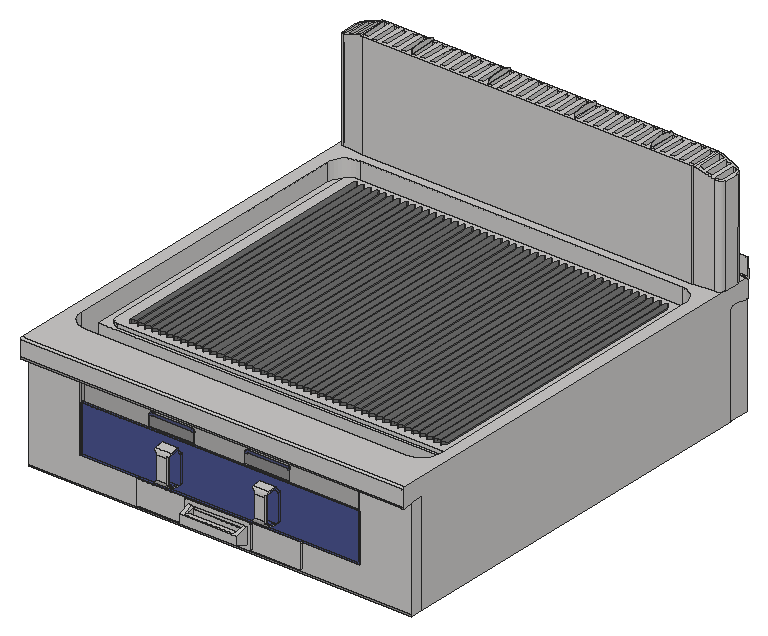
Revit family "QF_ELECTROLUXPROFESSIONAL_593323_MCHNABDOVO", category Specialty Equipment, Revit 2018 (continued)
Definition of nested family "GG_900_Backsplash for 800 fryer"
  Automatic sketch dimensions
    Extrusion 39 sketch curve to Extrusion 39 sketch curve = 0.056 mm
    Extrusion 39 sketch curve to Extrusion 39 sketch curve = 4 mm
    level to Extrusion 39 sketch curve = 1058.216 mm
    Extrusion 39 sketch curve to Extrusion 39 sketch curve = 49.354 mm
    Extrusion 39 sketch curve to Extrusion 39 sketch curve = 3.029 mm  (x2)
    Extrusion 39 sketch curve to Extrusion 39 sketch curve = 0.001 mm  (x4)
    Extrusion 39 sketch curve to Extrusion 39 sketch curve = 2.392 mm
    Extrusion 40 sketch curve to Extrusion 40 sketch curve = 0 mm  (x3)
    plane 4 to Extrusion 40 sketch curve = 152.48 mm
    Extrusion 40 sketch curve to Extrusion 40 sketch curve = 1 mm  (x2)
    Extrusion 40 sketch curve to Extrusion 40 sketch curve = 0.732 mm
    level to Extrusion 40 sketch curve = 1106.571 mm
    plane 6 to Extrusion 41 sketch curve = 26.484 mm
    Extrusion 41 sketch curve to Extrusion 41 sketch curve = 3.168 mm
    Extrusion 41 sketch curve to Extrusion 41 sketch curve = 0.003 mm
    Extrusion 41 sketch curve to Extrusion 41 sketch curve = 0.832 mm
    Extrusion 41 sketch curve to Extrusion 41 sketch curve = 11.257 mm
    Extrusion 41 sketch curve to Extrusion 41 sketch curve = 0 mm  (x2)
    Extrusion 41 sketch curve to plane 6 = 0.419 mm
    Extrusion 41 sketch curve to plane 6 = 12.894 mm
    Extrusion 41 sketch curve to Extrusion 41 sketch curve = 10.482 mm
    Extrusion 41 sketch curve to Extrusion 41 sketch curve = 0.775 mm
    Extrusion 41 sketch curve to Extrusion 41 sketch curve = 0.056 mm
    Extrusion 41 sketch curve to Extrusion 41 sketch curve = 4 mm
    level to Extrusion 41 sketch curve = 1058.216 mm
    Extrusion 41 sketch curve to Extrusion 41 sketch curve = 49.354 mm
    Extrusion 41 sketch curve to Extrusion 41 sketch curve = 3.029 mm  (x2)
    Extrusion 41 sketch curve to Extrusion 41 sketch curve = 0.001 mm  (x4)
    Extrusion 41 sketch curve to Extrusion 41 sketch curve = 2.392 mm
    Extrusion 42 sketch curve to Extrusion 42 sketch curve = 0 mm  (x3)
    Extrusion 42 sketch curve to plane 3 "Center (Left/Right)" = 87.373 mm
    Extrusion 42 sketch curve to Extrusion 42 sketch curve = 1 mm  (x2)
    Extrusion 42 sketch curve to Extrusion 42 sketch curve = 0.732 mm
    level to Extrusion 42 sketch curve = 1106.571 mm
    plane 6 to Extrusion 43 sketch curve = 26.484 mm
    Extrusion 43 sketch curve to Extrusion 43 sketch curve = 3.168 mm
    Extrusion 43 sketch curve to Extrusion 43 sketch curve = 0.003 mm
    Extrusion 43 sketch curve to Extrusion 43 sketch curve = 0.832 mm
    Extrusion 43 sketch curve to Extrusion 43 sketch curve = 11.257 mm
    Extrusion 43 sketch curve to Extrusion 43 sketch curve = 0 mm  (x2)
    Extrusion 43 sketch curve to plane 6 = 0.419 mm
    Extrusion 43 sketch curve to plane 6 = 12.894 mm
    Extrusion 43 sketch curve to Extrusion 43 sketch curve = 10.482 mm
    Extrusion 43 sketch curve to Extrusion 43 sketch curve = 0.775 mm
    Extrusion 43 sketch curve to Extrusion 43 sketch curve = 0.056 mm
    Extrusion 43 sketch curve to Extrusion 43 sketch curve = 4 mm
    level to Extrusion 43 sketch curve = 1058.216 mm
    Extrusion 43 sketch curve to Extrusion 43 sketch curve = 49.354 mm
    Extrusion 43 sketch curve to Extrusion 43 sketch curve = 3.029 mm  (x2)
    Extrusion 43 sketch curve to Extrusion 43 sketch curve = 0.001 mm  (x4)
    Extrusion 43 sketch curve to Extrusion 43 sketch curve = 2.392 mm
    Extrusion 44 sketch curve to Extrusion 44 sketch curve = 0 mm  (x3)
    Extrusion 44 sketch curve to plane 5 = 145 mm
    Extrusion 44 sketch curve to Extrusion 44 sketch curve = 1 mm  (x2)
    Extrusion 44 sketch curve to Extrusion 44 sketch curve = 0.732 mm
    level to Extrusion 44 sketch curve = 1107.571 mm
    plane 6 to Extrusion 45 sketch curve = 26.484 mm
    Extrusion 45 sketch curve to Extrusion 45 sketch curve = 3.168 mm
    Extrusion 45 sketch curve to Extrusion 45 sketch curve = 0.003 mm
    Extrusion 45 sketch curve to Extrusion 45 sketch curve = 0.832 mm
    Extrusion 45 sketch curve to Extrusion 45 sketch curve = 11.257 mm
    Extrusion 45 sketch curve to Extrusion 45 sketch curve = 0 mm  (x2)
    Extrusion 45 sketch curve to plane 6 = 0.419 mm
    Extrusion 45 sketch curve to plane 6 = 12.894 mm
    Extrusion 45 sketch curve to Extrusion 45 sketch curve = 10.482 mm
    Extrusion 45 sketch curve to Extrusion 45 sketch curve = 0.775 mm
    Extrusion 45 sketch curve to Extrusion 45 sketch curve = 0.056 mm
    Extrusion 45 sketch curve to Extrusion 45 sketch curve = 4 mm
    level to Extrusion 45 sketch curve = 1058.216 mm
    Extrusion 45 sketch curve to Extrusion 45 sketch curve = 49.354 mm
    Extrusion 45 sketch curve to Extrusion 45 sketch curve = 3.029 mm  (x2)
    Extrusion 45 sketch curve to Extrusion 45 sketch curve = 0.001 mm  (x4)
    Extrusion 45 sketch curve to Extrusion 45 sketch curve = 2.392 mm
    Extrusion 46 sketch curve to Extrusion 46 sketch curve = 0 mm  (x3)
    plane 3 "Center (Left/Right)" to Extrusion 46 sketch curve = 94.792 mm
    Extrusion 46 sketch curve to Extrusion 46 sketch curve = 1 mm  (x2)
    Extrusion 46 sketch curve to Extrusion 46 sketch curve = 0.732 mm
    level to Extrusion 46 sketch curve = 1107.571 mm
    curve 15 to plane 5 = 0 mm
    plane 6 to curve 6 = 32.954 mm
    curve 17 to plane 4 = 0 mm
    plane 4 to curve 16 = 0.886 mm
    plane 4 to curve 2 = 11.608 mm
    plane 4 to curve 7 = 11.608 mm
    curve 5 to curve 6 = 58.231 mm
    plane 1 "Center (Front/Back)" to curve 1 = 5.039 mm
    curve 3 to curve 1 = 58.231 mm
    curve 8 to plane 5 = 70.951 mm
    curve 1 to curve 6 = 0 mm
    curve 12 to plane 5 = 12.72 mm
    curve 8 to plane 5 = 12.72 mm
    curve 15 to plane 5 = 1.998 mm
    curve 14 to curve 9 = 1.998 mm
    plane 4 to curve 17 = 0.886 mm
    curve 3 to curve 3 = 11.746 mm
    curve 5 to curve 5 = 11.746 mm
    curve 11 to curve 11 = 11.746 mm
    curve 10 to curve 10 = 11.746 mm
    plane 6 to curve 7 = 27.86 mm
    plane 6 to curve 8 = 27.86 mm
    plane 6 to curve 15 = 15.407 mm
    curve 14 to plane 6 = 15.407 mm
    curve 4 to plane 6 = 15.407 mm
    plane 1 "Center (Front/Back)" to curve 2 = 10.134 mm
    plane 1 "Center (Front/Back)" to curve 12 = 10.134 mm
    plane 6 to curve 17 = 15.407 mm
Definition of nested family "GG_900_800 mm Full Grate"
  Parameters
    Length = 662 mm
    Array = Length / 15 mm  # 44
  Reference planes
    plane 1 "Center (Front/Back)": y = 0
    plane 2: z = 0
    plane 3 "Center (Left/Right)": x = 0
    plane 4: x = -355
    plane 5: x = 355
    plane 6: z = 900
    plane 7: z = 888
    plane 8: x = -331
    plane 9: x = 331
  Forms (mm)
    Extrusion 1, solid
      sketch origin (453.786, 467.26, 0) x (1, 0, 0) y (0, 1, 0)
        loop
          line (-808.786, -175.198) -> (-808.786, -760.472)
          arc (-808.786, -760.472) -> (-803.807, -772.493) -> (-791.786, -777.472) r 17
          line (-791.786, -777.472) -> (-116.936, -777.472)
          arc (-116.936, -777.472) -> (-104.102, -772.156) -> (-98.786, -759.322) r 18.15
          line (-98.786, -759.322) -> (-98.786, -175.198)
          arc (-98.786, -175.198) -> (-104.102, -162.364) -> (-116.936, -157.048) r 18.15
          line (-116.936, -157.048) -> (-790.636, -157.048)
          arc (-790.636, -157.048) -> (-803.47, -162.364) -> (-808.786, -175.198) r 18.15
      from 888 to 894.474
  Lines and regions (mm)
    symbolic lines
      curve 1: line (-331, 286.484, 0) -> (-324.5, 295.767, 0)
      curve 2: line (-324.5, 295.767, 0) -> (-318, 286.484, 0)
      curve 3: line (-318, -286.484, 0) -> (-318, 286.484, 0)
      curve 4: line (-331, 286.484, 0) -> (-331, -286.484, 0)
      curve 5: line (-324.5, -295.767, 0) -> (-331, -286.484, 0)
      curve 6: line (-318, -286.484, 0) -> (-324.5, -295.767, 0)
      curve 7: line (318, 286.484, 0) -> (324.5, 295.767, 0)
      curve 8: line (324.5, 295.767, 0) -> (331, 286.484, 0)
      curve 9: line (331, -286.484, 0) -> (331, 286.484, 0)
      curve 10: line (318, 286.484, 0) -> (318, -286.484, 0)
      curve 11: line (324.5, -295.767, 0) -> (318, -286.484, 0)
      curve 12: line (331, -286.484, 0) -> (324.5, -295.767, 0)
      curve 13: line (-315.907, 286.484, 0) -> (-309.407, 295.767, 0)
      curve 14: line (-309.407, 295.767, 0) -> (-302.907, 286.484, 0)
      curve 15: line (-302.907, -286.484, 0) -> (-302.907, 286.484, 0)
      curve 16: line (-315.907, 286.484, 0) -> (-315.907, -286.484, 0)
      curve 17: line (-309.407, -295.767, 0) -> (-315.907, -286.484, 0)
      curve 18: line (-302.907, -286.484, 0) -> (-309.407, -295.767, 0)
      curve 19: line (-300.814, 286.484, 0) -> (-294.314, 295.767, 0)
      curve 20: line (-294.314, 295.767, 0) -> (-287.814, 286.484, 0)
      curve 21: line (-287.814, -286.484, 0) -> (-287.814, 286.484, 0)
      curve 22: line (-300.814, 286.484, 0) -> (-300.814, -286.484, 0)
      curve 23: line (-294.314, -295.767, 0) -> (-300.814, -286.484, 0)
      curve 24: line (-287.814, -286.484, 0) -> (-294.314, -295.767, 0)
      curve 25: line (-285.721, 286.484, 0) -> (-279.221, 295.767, 0)
      curve 26: line (-279.221, 295.767, 0) -> (-272.721, 286.484, 0)
      curve 27: line (-272.721, -286.484, 0) -> (-272.721, 286.484, 0)
      curve 28: line (-285.721, 286.484, 0) -> (-285.721, -286.484, 0)
      curve 29: line (-279.221, -295.767, 0) -> (-285.721, -286.484, 0)
      curve 30: line (-272.721, -286.484, 0) -> (-279.221, -295.767, 0)
      curve 31: line (-270.628, 286.484, 0) -> (-264.128, 295.767, 0)
      curve 32: line (-264.128, 295.767, 0) -> (-257.628, 286.484, 0)
      curve 33: line (-257.628, -286.484, 0) -> (-257.628, 286.484, 0)
      curve 34: line (-270.628, 286.484, 0) -> (-270.628, -286.484, 0)
      curve 35: line (-264.128, -295.767, 0) -> (-270.628, -286.484, 0)
      curve 36: line (-257.628, -286.484, 0) -> (-264.128, -295.767, 0)
      curve 37: line (-255.535, 286.484, 0) -> (-249.035, 295.767, 0)
      curve 38: line (-249.035, 295.767, 0) -> (-242.535, 286.484, 0)
      curve 39: line (-242.535, -286.484, 0) -> (-242.535, 286.484, 0)
      curve 40: line (-255.535, 286.484, 0) -> (-255.535, -286.484, 0)
      curve 41: line (-249.035, -295.767, 0) -> (-255.535, -286.484, 0)
      curve 42: line (-242.535, -286.484, 0) -> (-249.035, -295.767, 0)
      curve 43: line (-240.442, 286.484, 0) -> (-233.942, 295.767, 0)
      curve 44: line (-233.942, 295.767, 0) -> (-227.442, 286.484, 0)
      curve 45: line (-227.442, -286.484, 0) -> (-227.442, 286.484, 0)
      curve 46: line (-240.442, 286.484, 0) -> (-240.442, -286.484, 0)
      curve 47: line (-233.942, -295.767, 0) -> (-240.442, -286.484, 0)
      curve 48: line (-227.442, -286.484, 0) -> (-233.942, -295.767, 0)
      curve 49: line (-225.349, 286.484, 0) -> (-218.849, 295.767, 0)
      curve 50: line (-218.849, 295.767, 0) -> (-212.349, 286.484, 0)
      curve 51: line (-212.349, -286.484, 0) -> (-212.349, 286.484, 0)
      curve 52: line (-225.349, 286.484, 0) -> (-225.349, -286.484, 0)
      curve 53: line (-218.849, -295.767, 0) -> (-225.349, -286.484, 0)
      curve 54: line (-212.349, -286.484, 0) -> (-218.849, -295.767, 0)
      curve 55: line (-210.256, 286.484, 0) -> (-203.756, 295.767, 0)
      curve 56: line (-203.756, 295.767, 0) -> (-197.256, 286.484, 0)
      curve 57: line (-197.256, -286.484, 0) -> (-197.256, 286.484, 0)
      curve 58: line (-210.256, 286.484, 0) -> (-210.256, -286.484, 0)
      curve 59: line (-203.756, -295.767, 0) -> (-210.256, -286.484, 0)
      curve 60: line (-197.256, -286.484, 0) -> (-203.756, -295.767, 0)
      curve 61: line (-195.163, 286.484, 0) -> (-188.663, 295.767, 0)
      curve 62: line (-188.663, 295.767, 0) -> (-182.163, 286.484, 0)
      curve 63: line (-182.163, -286.484, 0) -> (-182.163, 286.484, 0)
      curve 64: line (-195.163, 286.484, 0) -> (-195.163, -286.484, 0)
      curve 65: line (-188.663, -295.767, 0) -> (-195.163, -286.484, 0)
      curve 66: line (-182.163, -286.484, 0) -> (-188.663, -295.767, 0)
      curve 67: line (-180.07, 286.484, 0) -> (-173.57, 295.767, 0)
      curve 68: line (-173.57, 295.767, 0) -> (-167.07, 286.484, 0)
      curve 69: line (-167.07, -286.484, 0) -> (-167.07, 286.484, 0)
      curve 70: line (-180.07, 286.484, 0) -> (-180.07, -286.484, 0)
      curve 71: line (-173.57, -295.767, 0) -> (-180.07, -286.484, 0)
      curve 72: line (-167.07, -286.484, 0) -> (-173.57, -295.767, 0)
      curve 73: line (-164.977, 286.484, 0) -> (-158.477, 295.767, 0)
      curve 74: line (-158.477, 295.767, 0) -> (-151.977, 286.484, 0)
      curve 75: line (-151.977, -286.484, 0) -> (-151.977, 286.484, 0)
      curve 76: line (-164.977, 286.484, 0) -> (-164.977, -286.484, 0)
      curve 77: line (-158.477, -295.767, 0) -> (-164.977, -286.484, 0)
      curve 78: line (-151.977, -286.484, 0) -> (-158.477, -295.767, 0)
      curve 79: line (-149.884, 286.484, 0) -> (-143.384, 295.767, 0)
      curve 80: line (-143.384, 295.767, 0) -> (-136.884, 286.484, 0)
      curve 81: line (-136.884, -286.484, 0) -> (-136.884, 286.484, 0)
      curve 82: line (-149.884, 286.484, 0) -> (-149.884, -286.484, 0)
      curve 83: line (-143.384, -295.767, 0) -> (-149.884, -286.484, 0)
      curve 84: line (-136.884, -286.484, 0) -> (-143.384, -295.767, 0)
      curve 85: line (-134.791, 286.484, 0) -> (-128.291, 295.767, 0)
      curve 86: line (-128.291, 295.767, 0) -> (-121.791, 286.484, 0)
      curve 87: line (-121.791, -286.484, 0) -> (-121.791, 286.484, 0)
      curve 88: line (-134.791, 286.484, 0) -> (-134.791, -286.484, 0)
      curve 89: line (-128.291, -295.767, 0) -> (-134.791, -286.484, 0)
      curve 90: line (-121.791, -286.484, 0) -> (-128.291, -295.767, 0)
      curve 91: line (-119.698, 286.484, 0) -> (-113.198, 295.767, 0)
      curve 92: line (-113.198, 295.767, 0) -> (-106.698, 286.484, 0)
      curve 93: line (-106.698, -286.484, 0) -> (-106.698, 286.484, 0)
      curve 94: line (-119.698, 286.484, 0) -> (-119.698, -286.484, 0)
      curve 95: line (-113.198, -295.767, 0) -> (-119.698, -286.484, 0)
      curve 96: line (-106.698, -286.484, 0) -> (-113.198, -295.767, 0)
      curve 97: line (-104.605, 286.484, 0) -> (-98.105, 295.767, 0)
      curve 98: line (-98.105, 295.767, 0) -> (-91.605, 286.484, 0)
      curve 99: line (-91.605, -286.484, 0) -> (-91.605, 286.484, 0)
      curve 100: line (-104.605, 286.484, 0) -> (-104.605, -286.484, 0)
      curve 101: line (-98.105, -295.767, 0) -> (-104.605, -286.484, 0)
      curve 102: line (-91.605, -286.484, 0) -> (-98.105, -295.767, 0)
      curve 103: line (-89.512, 286.484, 0) -> (-83.012, 295.767, 0)
      curve 104: line (-83.012, 295.767, 0) -> (-76.512, 286.484, 0)
      curve 105: line (-76.512, -286.484, 0) -> (-76.512, 286.484, 0)
      curve 106: line (-89.512, 286.484, 0) -> (-89.512, -286.484, 0)
      curve 107: line (-83.012, -295.767, 0) -> (-89.512, -286.484, 0)
      curve 108: line (-76.512, -286.484, 0) -> (-83.012, -295.767, 0)
      curve 109: line (-74.419, 286.484, 0) -> (-67.919, 295.767, 0)
      curve 110: line (-67.919, 295.767, 0) -> (-61.419, 286.484, 0)
      curve 111: line (-61.419, -286.484, 0) -> (-61.419, 286.484, 0)
      curve 112: line (-74.419, 286.484, 0) -> (-74.419, -286.484, 0)
      curve 113: line (-67.919, -295.767, 0) -> (-74.419, -286.484, 0)
      curve 114: line (-61.419, -286.484, 0) -> (-67.919, -295.767, 0)
      curve 115: line (-59.326, 286.484, 0) -> (-52.826, 295.767, 0)
      curve 116: line (-52.826, 295.767, 0) -> (-46.326, 286.484, 0)
      curve 117: line (-46.326, -286.484, 0) -> (-46.326, 286.484, 0)
      curve 118: line (-59.326, 286.484, 0) -> (-59.326, -286.484, 0)
      curve 119: line (-52.826, -295.767, 0) -> (-59.326, -286.484, 0)
      curve 120: line (-46.326, -286.484, 0) -> (-52.826, -295.767, 0)
      curve 121: line (-44.233, 286.484, 0) -> (-37.733, 295.767, 0)
      curve 122: line (-37.733, 295.767, 0) -> (-31.233, 286.484, 0)
      curve 123: line (-31.233, -286.484, 0) -> (-31.233, 286.484, 0)
      curve 124: line (-44.233, 286.484, 0) -> (-44.233, -286.484, 0)
      curve 125: line (-37.733, -295.767, 0) -> (-44.233, -286.484, 0)
      curve 126: line (-31.233, -286.484, 0) -> (-37.733, -295.767, 0)
      curve 127: line (-29.14, 286.484, 0) -> (-22.64, 295.767, 0)
      curve 128: line (-22.64, 295.767, 0) -> (-16.14, 286.484, 0)
      curve 129: line (-16.14, -286.484, 0) -> (-16.14, 286.484, 0)
      curve 130: line (-29.14, 286.484, 0) -> (-29.14, -286.484, 0)
      curve 131: line (-22.64, -295.767, 0) -> (-29.14, -286.484, 0)
      curve 132: line (-16.14, -286.484, 0) -> (-22.64, -295.767, 0)
      curve 133: line (-14.047, 286.484, 0) -> (-7.547, 295.767, 0)
      curve 134: line (-7.547, 295.767, 0) -> (-1.047, 286.484, 0)
      curve 135: line (-1.047, -286.484, 0) -> (-1.047, 286.484, 0)
      curve 136: line (-14.047, 286.484, 0) -> (-14.047, -286.484, 0)
      curve 137: line (-7.547, -295.767, 0) -> (-14.047, -286.484, 0)
      curve 138: line (-1.047, -286.484, 0) -> (-7.547, -295.767, 0)
      curve 139: line (1.047, 286.484, 0) -> (7.547, 295.767, 0)
      curve 140: line (7.547, 295.767, 0) -> (14.047, 286.484, 0)
      curve 141: line (14.047, -286.484, 0) -> (14.047, 286.484, 0)
      curve 142: line (1.047, 286.484, 0) -> (1.047, -286.484, 0)
      curve 143: line (7.547, -295.767, 0) -> (1.047, -286.484, 0)
      curve 144: line (14.047, -286.484, 0) -> (7.547, -295.767, 0)
      curve 145: line (16.14, 286.484, 0) -> (22.64, 295.767, 0)
      curve 146: line (22.64, 295.767, 0) -> (29.14, 286.484, 0)
      curve 147: line (29.14, -286.484, 0) -> (29.14, 286.484, 0)
      curve 148: line (16.14, 286.484, 0) -> (16.14, -286.484, 0)
      curve 149: line (22.64, -295.767, 0) -> (16.14, -286.484, 0)
      curve 150: line (29.14, -286.484, 0) -> (22.64, -295.767, 0)
      curve 151: line (31.233, 286.484, 0) -> (37.733, 295.767, 0)
      curve 152: line (37.733, 295.767, 0) -> (44.233, 286.484, 0)
      curve 153: line (44.233, -286.484, 0) -> (44.233, 286.484, 0)
      curve 154: line (31.233, 286.484, 0) -> (31.233, -286.484, 0)
      curve 155: line (37.733, -295.767, 0) -> (31.233, -286.484, 0)
      curve 156: line (44.233, -286.484, 0) -> (37.733, -295.767, 0)
      curve 157: line (46.326, 286.484, 0) -> (52.826, 295.767, 0)
      curve 158: line (52.826, 295.767, 0) -> (59.326, 286.484, 0)
      curve 159: line (59.326, -286.484, 0) -> (59.326, 286.484, 0)
      curve 160: line (46.326, 286.484, 0) -> (46.326, -286.484, 0)
      curve 161: line (52.826, -295.767, 0) -> (46.326, -286.484, 0)
      curve 162: line (59.326, -286.484, 0) -> (52.826, -295.767, 0)
      curve 163: line (61.419, 286.484, 0) -> (67.919, 295.767, 0)
      curve 164: line (67.919, 295.767, 0) -> (74.419, 286.484, 0)
      curve 165: line (74.419, -286.484, 0) -> (74.419, 286.484, 0)
      curve 166: line (61.419, 286.484, 0) -> (61.419, -286.484, 0)
      curve 167: line (67.919, -295.767, 0) -> (61.419, -286.484, 0)
      curve 168: line (74.419, -286.484, 0) -> (67.919, -295.767, 0)
      curve 169: line (76.512, 286.484, 0) -> (83.012, 295.767, 0)
      curve 170: line (83.012, 295.767, 0) -> (89.512, 286.484, 0)
      curve 171: line (89.512, -286.484, 0) -> (89.512, 286.484, 0)
      curve 172: line (76.512, 286.484, 0) -> (76.512, -286.484, 0)
      curve 173: line (83.012, -295.767, 0) -> (76.512, -286.484, 0)
      curve 174: line (89.512, -286.484, 0) -> (83.012, -295.767, 0)
      curve 175: line (91.605, 286.484, 0) -> (98.105, 295.767, 0)
      curve 176: line (98.105, 295.767, 0) -> (104.605, 286.484, 0)
      curve 177: line (104.605, -286.484, 0) -> (104.605, 286.484, 0)
      curve 178: line (91.605, 286.484, 0) -> (91.605, -286.484, 0)
      curve 179: line (98.105, -295.767, 0) -> (91.605, -286.484, 0)
      curve 180: line (104.605, -286.484, 0) -> (98.105, -295.767, 0)
      curve 181: line (106.698, 286.484, 0) -> (113.198, 295.767, 0)
      curve 182: line (113.198, 295.767, 0) -> (119.698, 286.484, 0)
      curve 183: line (119.698, -286.484, 0) -> (119.698, 286.484, 0)
      curve 184: line (106.698, 286.484, 0) -> (106.698, -286.484, 0)
      curve 185: line (113.198, -295.767, 0) -> (106.698, -286.484, 0)
      curve 186: line (119.698, -286.484, 0) -> (113.198, -295.767, 0)
      curve 187: line (121.791, 286.484, 0) -> (128.291, 295.767, 0)
      curve 188: line (128.291, 295.767, 0) -> (134.791, 286.484, 0)
      curve 189: line (134.791, -286.484, 0) -> (134.791, 286.484, 0)
      curve 190: line (121.791, 286.484, 0) -> (121.791, -286.484, 0)
      curve 191: line (128.291, -295.767, 0) -> (121.791, -286.484, 0)
      curve 192: line (134.791, -286.484, 0) -> (128.291, -295.767, 0)
      curve 193: line (136.884, 286.484, 0) -> (143.384, 295.767, 0)
      curve 194: line (143.384, 295.767, 0) -> (149.884, 286.484, 0)
      curve 195: line (149.884, -286.484, 0) -> (149.884, 286.484, 0)
      curve 196: line (136.884, 286.484, 0) -> (136.884, -286.484, 0)
      curve 197: line (143.384, -295.767, 0) -> (136.884, -286.484, 0)
      curve 198: line (149.884, -286.484, 0) -> (143.384, -295.767, 0)
      curve 199: line (151.977, 286.484, 0) -> (158.477, 295.767, 0)
      curve 200: line (158.477, 295.767, 0) -> (164.977, 286.484, 0)
      curve 201: line (164.977, -286.484, 0) -> (164.977, 286.484, 0)
      curve 202: line (151.977, 286.484, 0) -> (151.977, -286.484, 0)
      curve 203: line (158.477, -295.767, 0) -> (151.977, -286.484, 0)
      curve 204: line (164.977, -286.484, 0) -> (158.477, -295.767, 0)
      curve 205: line (167.07, 286.484, 0) -> (173.57, 295.767, 0)
      curve 206: line (173.57, 295.767, 0) -> (180.07, 286.484, 0)
      curve 207: line (180.07, -286.484, 0) -> (180.07, 286.484, 0)
      curve 208: line (167.07, 286.484, 0) -> (167.07, -286.484, 0)
      curve 209: line (173.57, -295.767, 0) -> (167.07, -286.484, 0)
      curve 210: line (180.07, -286.484, 0) -> (173.57, -295.767, 0)
      curve 211: line (182.163, 286.484, 0) -> (188.663, 295.767, 0)
      curve 212: line (188.663, 295.767, 0) -> (195.163, 286.484, 0)
      curve 213: line (195.163, -286.484, 0) -> (195.163, 286.484, 0)
      curve 214: line (182.163, 286.484, 0) -> (182.163, -286.484, 0)
      curve 215: line (188.663, -295.767, 0) -> (182.163, -286.484, 0)
      curve 216: line (195.163, -286.484, 0) -> (188.663, -295.767, 0)
      curve 217: line (197.256, 286.484, 0) -> (203.756, 295.767, 0)
      curve 218: line (203.756, 295.767, 0) -> (210.256, 286.484, 0)
      curve 219: line (210.256, -286.484, 0) -> (210.256, 286.484, 0)
      curve 220: line (197.256, 286.484, 0) -> (197.256, -286.484, 0)
      curve 221: line (203.756, -295.767, 0) -> (197.256, -286.484, 0)
      curve 222: line (210.256, -286.484, 0) -> (203.756, -295.767, 0)
      curve 223: line (212.349, 286.484, 0) -> (218.849, 295.767, 0)
      curve 224: line (218.849, 295.767, 0) -> (225.349, 286.484, 0)
      curve 225: line (225.349, -286.484, 0) -> (225.349, 286.484, 0)
      curve 226: line (212.349, 286.484, 0) -> (212.349, -286.484, 0)
      curve 227: line (218.849, -295.767, 0) -> (212.349, -286.484, 0)
      curve 228: line (225.349, -286.484, 0) -> (218.849, -295.767, 0)
      curve 229: line (227.442, 286.484, 0) -> (233.942, 295.767, 0)
      curve 230: line (233.942, 295.767, 0) -> (240.442, 286.484, 0)
      curve 231: line (240.442, -286.484, 0) -> (240.442, 286.484, 0)
      curve 232: line (227.442, 286.484, 0) -> (227.442, -286.484, 0)
      curve 233: line (233.942, -295.767, 0) -> (227.442, -286.484, 0)
      curve 234: line (240.442, -286.484, 0) -> (233.942, -295.767, 0)
      curve 235: line (242.535, 286.484, 0) -> (249.035, 295.767, 0)
      curve 236: line (249.035, 295.767, 0) -> (255.535, 286.484, 0)
      curve 237: line (255.535, -286.484, 0) -> (255.535, 286.484, 0)
      curve 238: line (242.535, 286.484, 0) -> (242.535, -286.484, 0)
      curve 239: line (249.035, -295.767, 0) -> (242.535, -286.484, 0)
      curve 240: line (255.535, -286.484, 0) -> (249.035, -295.767, 0)
      curve 241: line (257.628, 286.484, 0) -> (264.128, 295.767, 0)
      curve 242: line (264.128, 295.767, 0) -> (270.628, 286.484, 0)
      curve 243: line (270.628, -286.484, 0) -> (270.628, 286.484, 0)
      curve 244: line (257.628, 286.484, 0) -> (257.628, -286.484, 0)
      curve 245: line (264.128, -295.767, 0) -> (257.628, -286.484, 0)
      curve 246: line (270.628, -286.484, 0) -> (264.128, -295.767, 0)
      curve 247: line (272.721, 286.484, 0) -> (279.221, 295.767, 0)
      curve 248: line (279.221, 295.767, 0) -> (285.721, 286.484, 0)
      curve 249: line (285.721, -286.484, 0) -> (285.721, 286.484, 0)
      curve 250: line (272.721, 286.484, 0) -> (272.721, -286.484, 0)
      curve 251: line (279.221, -295.767, 0) -> (272.721, -286.484, 0)
      curve 252: line (285.721, -286.484, 0) -> (279.221, -295.767, 0)
      curve 253: line (287.814, 286.484, 0) -> (294.314, 295.767, 0)
      curve 254: line (294.314, 295.767, 0) -> (300.814, 286.484, 0)
      curve 255: line (300.814, -286.484, 0) -> (300.814, 286.484, 0)
      curve 256: line (287.814, 286.484, 0) -> (287.814, -286.484, 0)
      curve 257: line (294.314, -295.767, 0) -> (287.814, -286.484, 0)
      curve 258: line (300.814, -286.484, 0) -> (294.314, -295.767, 0)
      curve 259: line (302.907, 286.484, 0) -> (309.407, 295.767, 0)
      curve 260: line (309.407, 295.767, 0) -> (315.907, 286.484, 0)
      curve 261: line (315.907, -286.484, 0) -> (315.907, 286.484, 0)
      curve 262: line (302.907, 286.484, 0) -> (302.907, -286.484, 0)
      curve 263: line (309.407, -295.767, 0) -> (302.907, -286.484, 0)
      curve 264: line (315.907, -286.484, 0) -> (309.407, -295.767, 0)
      curve 265: line (336.85, 310.212, 0) -> (-336.85, 310.212, 0)
      curve 266: arc (-336.85, 310.212, 0) -> (-349.684, 304.896, 0) -> (-355, 292.062, 0) r 18.15
      curve 267: line (-355, 292.062, 0) -> (-355, -293.212, 0)
      curve 268: arc (-355, -293.212, 0) -> (-350.021, -305.233, 0) -> (-338, -310.212, 0) r 17
      curve 269: line (-338, -310.212, 0) -> (336.85, -310.212, 0)
      curve 270: arc (336.85, -310.212, 0) -> (349.684, -304.896, 0) -> (355, -292.062, 0) r 18.15
      curve 271: line (355, -292.062, 0) -> (355, 292.062, 0)
      curve 272: arc (355, 292.062, 0) -> (349.684, 304.896, 0) -> (336.85, 310.212, 0) r 18.15
  Dimensions and locks
    plane 6 to level = 900 mm
    plane 6 to plane 7 = 12 mm
    locked: plane 9 to plane 5 at 24
    "Length": plane 8 to plane 9
    equal spacing: group 1, group 3, group 4, group 5, group 6, group 7, group 8, group 9, group 10, group 11, group 12, group 13, group 14, group 15, group 16, group 17, group 18, group 19, group 20, group 21, group 22, group 23, group 24, group 25, group 26, group 27, group 28, group 29, group 30, group 31, group 32, group 33, group 34, group 35, group 36, group 37, group 38, group 39, group 40, group 41, group 42, group 43, group 44, group 2  (x3)
    plane 4 to plane 5 = 710 mm
    plane 4 to plane 8 = 24 mm
    aligned and locked: plane 6 to nested 1
    aligned and locked: Extrusion 1 to nested 1
    aligned and locked: Extrusion 1 to plane 7
    aligned and locked: plane 8 to nested 1
    aligned and locked: plane 9 to nested 2
    aligned and locked: curve 266 to Extrusion 1
    aligned and locked: curve 270 to Extrusion 1
    aligned and locked: curve 272 to Extrusion 1
  Automatic sketch dimensions
    Extrusion 1 sketch curve to plane 4 = 0 mm
    Extrusion 1 sketch curve to plane 5 = 0 mm
    Extrusion 1 sketch curve to plane 8 = 7 mm
    Extrusion 1 sketch curve to plane 8 = 5.85 mm
    plane 9 to Extrusion 1 sketch curve = 5.85 mm  (x2)
    plane 1 "Center (Front/Back)" to Extrusion 1 sketch curve = 310.212 mm
    Extrusion 1 sketch curve to plane 1 "Center (Front/Back)" = 292.062 mm
    curve 1 to curve 1 = 6.5 mm
    curve 4 to curve 5 = 6.5 mm
    curve 2 to curve 2 = 6.5 mm
    curve 6 to curve 3 = 9.283 mm
    curve 5 to curve 4 = 9.283 mm
    curve 4 to curve 4 = 572.969 mm
    curve 1 to curve 3 = 0 mm
    curve 1 to curve 1 = 9.283 mm
    curve 7 to curve 7 = 6.5 mm
    curve 10 to curve 11 = 6.5 mm
    curve 8 to curve 8 = 6.5 mm
    curve 12 to curve 9 = 9.283 mm
    curve 11 to curve 10 = 9.283 mm
    curve 10 to curve 10 = 572.969 mm
    curve 7 to curve 9 = 0 mm
    curve 7 to curve 7 = 9.283 mm
    curve 13 to curve 13 = 6.5 mm
    curve 16 to curve 17 = 6.5 mm
    curve 14 to curve 14 = 6.5 mm
    curve 18 to curve 15 = 9.283 mm
    curve 17 to curve 16 = 9.283 mm
    curve 16 to curve 16 = 572.969 mm
    curve 13 to curve 15 = 0 mm
    curve 13 to curve 13 = 9.283 mm
    curve 19 to curve 19 = 6.5 mm
    curve 22 to curve 23 = 6.5 mm
    curve 20 to curve 20 = 6.5 mm
    curve 24 to curve 21 = 9.283 mm
    curve 23 to curve 22 = 9.283 mm
    curve 22 to curve 22 = 572.969 mm
    curve 19 to curve 21 = 0 mm
    curve 19 to curve 19 = 9.283 mm
    curve 25 to curve 25 = 6.5 mm
    curve 28 to curve 29 = 6.5 mm
    curve 26 to curve 26 = 6.5 mm
    curve 30 to curve 27 = 9.283 mm
    curve 29 to curve 28 = 9.283 mm
    curve 28 to curve 28 = 572.969 mm
    curve 25 to curve 27 = 0 mm
    curve 25 to curve 25 = 9.283 mm
    curve 31 to curve 31 = 6.5 mm
    curve 34 to curve 35 = 6.5 mm
    curve 32 to curve 32 = 6.5 mm
    curve 36 to curve 33 = 9.283 mm
    curve 35 to curve 34 = 9.283 mm
    curve 34 to curve 34 = 572.969 mm
    curve 31 to curve 33 = 0 mm
    curve 31 to curve 31 = 9.283 mm
    curve 37 to curve 37 = 6.5 mm
    curve 40 to curve 41 = 6.5 mm
    curve 38 to curve 38 = 6.5 mm
    curve 42 to curve 39 = 9.283 mm
    curve 41 to curve 40 = 9.283 mm
    curve 40 to curve 40 = 572.969 mm
    curve 37 to curve 39 = 0 mm
    curve 37 to curve 37 = 9.283 mm
    curve 43 to curve 43 = 6.5 mm
    curve 46 to curve 47 = 6.5 mm
    curve 44 to curve 44 = 6.5 mm
    curve 48 to curve 45 = 9.283 mm
    curve 47 to curve 46 = 9.283 mm
    curve 46 to curve 46 = 572.969 mm
    curve 43 to curve 45 = 0 mm
    curve 43 to curve 43 = 9.283 mm
    curve 49 to curve 49 = 6.5 mm
    curve 52 to curve 53 = 6.5 mm
    curve 50 to curve 50 = 6.5 mm
    curve 54 to curve 51 = 9.283 mm
    curve 53 to curve 52 = 9.283 mm
    curve 52 to curve 52 = 572.969 mm
    curve 49 to curve 51 = 0 mm
    curve 49 to curve 49 = 9.283 mm
    curve 55 to curve 55 = 6.5 mm
    curve 58 to curve 59 = 6.5 mm
    curve 56 to curve 56 = 6.5 mm
    curve 60 to curve 57 = 9.283 mm
    curve 59 to curve 58 = 9.283 mm
    curve 58 to curve 58 = 572.969 mm
    curve 55 to curve 57 = 0 mm
    curve 55 to curve 55 = 9.283 mm
    curve 61 to curve 61 = 6.5 mm
    curve 64 to curve 65 = 6.5 mm
    curve 62 to curve 62 = 6.5 mm
    curve 66 to curve 63 = 9.283 mm
    curve 65 to curve 64 = 9.283 mm
    curve 64 to curve 64 = 572.969 mm
    curve 61 to curve 63 = 0 mm
    curve 61 to curve 61 = 9.283 mm
    curve 67 to curve 67 = 6.5 mm
    curve 70 to curve 71 = 6.5 mm
    curve 68 to curve 68 = 6.5 mm
    curve 72 to curve 69 = 9.283 mm
    curve 71 to curve 70 = 9.283 mm
    curve 70 to curve 70 = 572.969 mm
    curve 67 to curve 69 = 0 mm
    curve 67 to curve 67 = 9.283 mm
    curve 73 to curve 73 = 6.5 mm
    curve 76 to curve 77 = 6.5 mm
    curve 74 to curve 74 = 6.5 mm
    curve 78 to curve 75 = 9.283 mm
    curve 77 to curve 76 = 9.283 mm
    curve 76 to curve 76 = 572.969 mm
    curve 73 to curve 75 = 0 mm
    curve 73 to curve 73 = 9.283 mm
    curve 79 to curve 79 = 6.5 mm
    curve 82 to curve 83 = 6.5 mm
    curve 80 to curve 80 = 6.5 mm
    curve 84 to curve 81 = 9.283 mm
    curve 83 to curve 82 = 9.283 mm
    curve 82 to curve 82 = 572.969 mm
    curve 79 to curve 81 = 0 mm
    curve 79 to curve 79 = 9.283 mm
    curve 85 to curve 85 = 6.5 mm
    curve 88 to curve 89 = 6.5 mm
    curve 86 to curve 86 = 6.5 mm
    curve 90 to curve 87 = 9.283 mm
    curve 89 to curve 88 = 9.283 mm
    curve 88 to curve 88 = 572.969 mm
    curve 85 to curve 87 = 0 mm
    curve 85 to curve 85 = 9.283 mm
    curve 91 to curve 91 = 6.5 mm
    curve 94 to curve 95 = 6.5 mm
    curve 92 to curve 92 = 6.5 mm
    curve 96 to curve 93 = 9.283 mm
    curve 95 to curve 94 = 9.283 mm
    curve 94 to curve 94 = 572.969 mm
    curve 91 to curve 93 = 0 mm
    curve 91 to curve 91 = 9.283 mm
    curve 97 to curve 97 = 6.5 mm
    curve 100 to curve 101 = 6.5 mm
    curve 98 to curve 98 = 6.5 mm
    curve 102 to curve 99 = 9.283 mm
    curve 101 to curve 100 = 9.283 mm
    curve 100 to curve 100 = 572.969 mm
    curve 97 to curve 99 = 0 mm
    curve 97 to curve 97 = 9.283 mm
    curve 103 to curve 103 = 6.5 mm
    curve 106 to curve 107 = 6.5 mm
    curve 104 to curve 104 = 6.5 mm
    curve 108 to curve 105 = 9.283 mm
    curve 107 to curve 106 = 9.283 mm
    curve 106 to curve 106 = 572.969 mm
    curve 103 to curve 105 = 0 mm
    curve 103 to curve 103 = 9.283 mm
    curve 109 to curve 109 = 6.5 mm
    curve 112 to curve 113 = 6.5 mm
    curve 110 to curve 110 = 6.5 mm
    curve 114 to curve 111 = 9.283 mm
    curve 113 to curve 112 = 9.283 mm
    curve 112 to curve 112 = 572.969 mm
    curve 109 to curve 111 = 0 mm
    curve 109 to curve 109 = 9.283 mm
    curve 115 to curve 115 = 6.5 mm
    curve 118 to curve 119 = 6.5 mm
    curve 116 to curve 116 = 6.5 mm
    curve 120 to curve 117 = 9.283 mm
    curve 119 to curve 118 = 9.283 mm
    curve 118 to curve 118 = 572.969 mm
    curve 115 to curve 117 = 0 mm
    curve 115 to curve 115 = 9.283 mm
    curve 121 to curve 121 = 6.5 mm
    curve 124 to curve 125 = 6.5 mm
    curve 122 to curve 122 = 6.5 mm
    curve 126 to curve 123 = 9.283 mm
    curve 125 to curve 124 = 9.283 mm
    curve 124 to curve 124 = 572.969 mm
    curve 121 to curve 123 = 0 mm
    curve 121 to curve 121 = 9.283 mm
    curve 127 to curve 127 = 6.5 mm
    curve 130 to curve 131 = 6.5 mm
    curve 128 to curve 128 = 6.5 mm
    curve 132 to curve 129 = 9.283 mm
    curve 131 to curve 130 = 9.283 mm
    curve 130 to curve 130 = 572.969 mm
    curve 127 to curve 129 = 0 mm
    curve 127 to curve 127 = 9.283 mm
    curve 133 to curve 133 = 6.5 mm
    curve 136 to curve 137 = 6.5 mm
    curve 134 to curve 134 = 6.5 mm
    curve 138 to curve 135 = 9.283 mm
    curve 137 to curve 136 = 9.283 mm
    curve 136 to curve 136 = 572.969 mm
    curve 133 to curve 135 = 0 mm
    curve 133 to curve 133 = 9.283 mm
    curve 139 to curve 139 = 6.5 mm
    curve 142 to curve 143 = 6.5 mm
    curve 140 to curve 140 = 6.5 mm
    curve 144 to curve 141 = 9.283 mm
    curve 143 to curve 142 = 9.283 mm
    curve 142 to curve 142 = 572.969 mm
    curve 139 to curve 141 = 0 mm
    curve 139 to curve 139 = 9.283 mm
    curve 145 to curve 145 = 6.5 mm
    curve 148 to curve 149 = 6.5 mm
    curve 146 to curve 146 = 6.5 mm
    curve 150 to curve 147 = 9.283 mm
    curve 149 to curve 148 = 9.283 mm
    curve 148 to curve 148 = 572.969 mm
    curve 145 to curve 147 = 0 mm
    curve 145 to curve 145 = 9.283 mm
    curve 151 to curve 151 = 6.5 mm
    curve 154 to curve 155 = 6.5 mm
    curve 152 to curve 152 = 6.5 mm
    curve 156 to curve 153 = 9.283 mm
    curve 155 to curve 154 = 9.283 mm
    curve 154 to curve 154 = 572.969 mm
    curve 151 to curve 153 = 0 mm
    curve 151 to curve 151 = 9.283 mm
    curve 157 to curve 157 = 6.5 mm
    curve 160 to curve 161 = 6.5 mm
    curve 158 to curve 158 = 6.5 mm
    curve 162 to curve 159 = 9.283 mm
    curve 161 to curve 160 = 9.283 mm
    curve 160 to curve 160 = 572.969 mm
    curve 157 to curve 159 = 0 mm
    curve 157 to curve 157 = 9.283 mm
    curve 163 to curve 163 = 6.5 mm
    curve 166 to curve 167 = 6.5 mm
    curve 164 to curve 164 = 6.5 mm
    curve 168 to curve 165 = 9.283 mm
    curve 167 to curve 166 = 9.283 mm
    curve 166 to curve 166 = 572.969 mm
    curve 163 to curve 165 = 0 mm
    curve 163 to curve 163 = 9.283 mm
    curve 169 to curve 169 = 6.5 mm
    curve 172 to curve 173 = 6.5 mm
    curve 170 to curve 170 = 6.5 mm
    curve 174 to curve 171 = 9.283 mm
    curve 173 to curve 172 = 9.283 mm
    curve 172 to curve 172 = 572.969 mm
    curve 169 to curve 171 = 0 mm
    curve 169 to curve 169 = 9.283 mm
    curve 175 to curve 175 = 6.5 mm
    curve 178 to curve 179 = 6.5 mm
    curve 176 to curve 176 = 6.5 mm
    curve 180 to curve 177 = 9.283 mm
    curve 179 to curve 178 = 9.283 mm
    curve 178 to curve 178 = 572.969 mm
    curve 175 to curve 177 = 0 mm
    curve 175 to curve 175 = 9.283 mm
    curve 181 to curve 181 = 6.5 mm
    curve 184 to curve 185 = 6.5 mm
    curve 182 to curve 182 = 6.5 mm
    curve 186 to curve 183 = 9.283 mm
    curve 185 to curve 184 = 9.283 mm
    curve 184 to curve 184 = 572.969 mm
    curve 181 to curve 183 = 0 mm
    curve 181 to curve 181 = 9.283 mm
    curve 187 to curve 187 = 6.5 mm
    curve 190 to curve 191 = 6.5 mm
    curve 188 to curve 188 = 6.5 mm
    curve 192 to curve 189 = 9.283 mm
    curve 191 to curve 190 = 9.283 mm
    curve 190 to curve 190 = 572.969 mm
    curve 187 to curve 189 = 0 mm
    curve 187 to curve 187 = 9.283 mm
    curve 193 to curve 193 = 6.5 mm
    curve 196 to curve 197 = 6.5 mm
    curve 194 to curve 194 = 6.5 mm
    curve 198 to curve 195 = 9.283 mm
    curve 197 to curve 196 = 9.283 mm
    curve 196 to curve 196 = 572.969 mm
    curve 193 to curve 195 = 0 mm
    curve 193 to curve 193 = 9.283 mm
    curve 199 to curve 199 = 6.5 mm
    curve 202 to curve 203 = 6.5 mm
    curve 200 to curve 200 = 6.5 mm
    curve 204 to curve 201 = 9.283 mm
    curve 203 to curve 202 = 9.283 mm
    curve 202 to curve 202 = 572.969 mm
    curve 199 to curve 201 = 0 mm
    curve 199 to curve 199 = 9.283 mm
    curve 205 to curve 205 = 6.5 mm
    curve 208 to curve 209 = 6.5 mm
    curve 206 to curve 206 = 6.5 mm
    curve 210 to curve 207 = 9.283 mm
    curve 209 to curve 208 = 9.283 mm
    curve 208 to curve 208 = 572.969 mm
    curve 205 to curve 207 = 0 mm
    curve 205 to curve 205 = 9.283 mm
    curve 211 to curve 211 = 6.5 mm
    curve 214 to curve 215 = 6.5 mm
    curve 212 to curve 212 = 6.5 mm
    curve 216 to curve 213 = 9.283 mm
    curve 215 to curve 214 = 9.283 mm
    curve 214 to curve 214 = 572.969 mm
    curve 211 to curve 213 = 0 mm
    curve 211 to curve 211 = 9.283 mm
    curve 217 to curve 217 = 6.5 mm
    curve 220 to curve 221 = 6.5 mm
    curve 218 to curve 218 = 6.5 mm
    curve 222 to curve 219 = 9.283 mm
    curve 221 to curve 220 = 9.283 mm
    curve 220 to curve 220 = 572.969 mm
    curve 217 to curve 219 = 0 mm
    curve 217 to curve 217 = 9.283 mm
    curve 223 to curve 223 = 6.5 mm
    curve 226 to curve 227 = 6.5 mm
    curve 224 to curve 224 = 6.5 mm
    curve 228 to curve 225 = 9.283 mm
    curve 227 to curve 226 = 9.283 mm
    curve 226 to curve 226 = 572.969 mm
    curve 223 to curve 225 = 0 mm
    curve 223 to curve 223 = 9.283 mm
    curve 229 to curve 229 = 6.5 mm
    curve 232 to curve 233 = 6.5 mm
    curve 230 to curve 230 = 6.5 mm
    curve 234 to curve 231 = 9.283 mm
    curve 233 to curve 232 = 9.283 mm
    curve 232 to curve 232 = 572.969 mm
    curve 229 to curve 231 = 0 mm
    curve 229 to curve 229 = 9.283 mm
    curve 235 to curve 235 = 6.5 mm
    curve 238 to curve 239 = 6.5 mm
    curve 236 to curve 236 = 6.5 mm
    curve 240 to curve 237 = 9.283 mm
    curve 239 to curve 238 = 9.283 mm
    curve 238 to curve 238 = 572.969 mm
    curve 235 to curve 237 = 0 mm
    curve 235 to curve 235 = 9.283 mm
    curve 241 to curve 241 = 6.5 mm
    curve 244 to curve 245 = 6.5 mm
    curve 242 to curve 242 = 6.5 mm
    curve 246 to curve 243 = 9.283 mm
    curve 245 to curve 244 = 9.283 mm
    curve 244 to curve 244 = 572.969 mm
    curve 241 to curve 243 = 0 mm
    curve 241 to curve 241 = 9.283 mm
    curve 247 to curve 247 = 6.5 mm
    curve 250 to curve 251 = 6.5 mm
    curve 248 to curve 248 = 6.5 mm
    curve 252 to curve 249 = 9.283 mm
    curve 251 to curve 250 = 9.283 mm
    curve 250 to curve 250 = 572.969 mm
    curve 247 to curve 249 = 0 mm
    curve 247 to curve 247 = 9.283 mm
    curve 253 to curve 253 = 6.5 mm
    curve 256 to curve 257 = 6.5 mm
    curve 254 to curve 254 = 6.5 mm
    curve 258 to curve 255 = 9.283 mm
    curve 257 to curve 256 = 9.283 mm
    curve 256 to curve 256 = 572.969 mm
    curve 253 to curve 255 = 0 mm
    curve 253 to curve 253 = 9.283 mm
    curve 259 to curve 259 = 6.5 mm
    curve 262 to curve 263 = 6.5 mm
    curve 260 to curve 260 = 6.5 mm
    curve 264 to curve 261 = 9.283 mm
    curve 263 to curve 262 = 9.283 mm
    curve 262 to curve 262 = 572.969 mm
    curve 259 to curve 261 = 0 mm
    curve 259 to curve 259 = 9.283 mm
    curve 268 to plane 8 = 7 mm
  Nested families
    nested 1: "Grate for Griddle" at (-324.5, 0, 11.99), type "Grate for Griddle"
    nested 2: "Grate for Griddle" at (324.5, 0, 11.99), type "Grate for Griddle"
    nested 3: "Grate for Griddle" at (-309.407, 0, 11.99), type "Grate for Griddle"
    nested 4: "Grate for Griddle" at (-294.314, 0, 11.99), type "Grate for Griddle"
    nested 5: "Grate for Griddle" at (-279.221, 0, 11.99), type "Grate for Griddle"
    nested 6: "Grate for Griddle" at (-264.128, 0, 11.99), type "Grate for Griddle"
    nested 7: "Grate for Griddle" at (-249.035, 0, 11.99), type "Grate for Griddle"
    nested 8: "Grate for Griddle" at (-233.942, 0, 11.99), type "Grate for Griddle"
    nested 9: "Grate for Griddle" at (-218.849, 0, 11.99), type "Grate for Griddle"
    nested 10: "Grate for Griddle" at (-203.756, 0, 11.99), type "Grate for Griddle"
    nested 11: "Grate for Griddle" at (-188.663, 0, 11.99), type "Grate for Griddle"
    nested 12: "Grate for Griddle" at (-173.57, 0, 11.99), type "Grate for Griddle"
    nested 13: "Grate for Griddle" at (-158.477, 0, 11.99), type "Grate for Griddle"
    nested 14: "Grate for Griddle" at (-143.384, 0, 11.99), type "Grate for Griddle"
    nested 15: "Grate for Griddle" at (-128.291, 0, 11.99), type "Grate for Griddle"
    nested 16: "Grate for Griddle" at (-113.198, 0, 11.99), type "Grate for Griddle"
    nested 17: "Grate for Griddle" at (-98.105, 0, 11.99), type "Grate for Griddle"
    nested 18: "Grate for Griddle" at (-83.012, 0, 11.99), type "Grate for Griddle"
    nested 19: "Grate for Griddle" at (-67.919, 0, 11.99), type "Grate for Griddle"
    nested 20: "Grate for Griddle" at (-52.826, 0, 11.99), type "Grate for Griddle"
    nested 21: "Grate for Griddle" at (-37.733, 0, 11.99), type "Grate for Griddle"
    nested 22: "Grate for Griddle" at (-22.64, 0, 11.99), type "Grate for Griddle"
    nested 23: "Grate for Griddle" at (-7.547, 0, 11.99), type "Grate for Griddle"
    nested 24: "Grate for Griddle" at (7.547, 0, 11.99), type "Grate for Griddle"
    nested 25: "Grate for Griddle" at (22.64, 0, 11.99), type "Grate for Griddle"
    nested 26: "Grate for Griddle" at (37.733, 0, 11.99), type "Grate for Griddle"
    nested 27: "Grate for Griddle" at (52.826, 0, 11.99), type "Grate for Griddle"
    nested 28: "Grate for Griddle" at (67.919, 0, 11.99), type "Grate for Griddle"
    nested 29: "Grate for Griddle" at (83.012, 0, 11.99), type "Grate for Griddle"
    nested 30: "Grate for Griddle" at (98.105, 0, 11.99), type "Grate for Griddle"
    nested 31: "Grate for Griddle" at (113.198, 0, 11.99), type "Grate for Griddle"
    nested 32: "Grate for Griddle" at (128.291, 0, 11.99), type "Grate for Griddle"
    nested 33: "Grate for Griddle" at (143.384, 0, 11.99), type "Grate for Griddle"
    nested 34: "Grate for Griddle" at (158.477, 0, 11.99), type "Grate for Griddle"
    nested 35: "Grate for Griddle" at (173.57, 0, 11.99), type "Grate for Griddle"
    nested 36: "Grate for Griddle" at (188.663, 0, 11.99), type "Grate for Griddle"
    nested 37: "Grate for Griddle" at (203.756, 0, 11.99), type "Grate for Griddle"
    nested 38: "Grate for Griddle" at (218.849, 0, 11.99), type "Grate for Griddle"
    nested 39: "Grate for Griddle" at (233.942, 0, 11.99), type "Grate for Griddle"
    nested 40: "Grate for Griddle" at (249.035, 0, 11.99), type "Grate for Griddle"
    nested 41: "Grate for Griddle" at (264.128, 0, 11.99), type "Grate for Griddle"
    nested 42: "Grate for Griddle" at (279.221, 0, 11.99), type "Grate for Griddle"
    nested 43: "Grate for Griddle" at (294.314, 0, 11.99), type "Grate for Griddle"
    nested 44: "Grate for Griddle" at (309.407, 0, 11.99), type "Grate for Griddle"
  Definition of nested family "Grate for Griddle"
    Reference planes
      plane 1 "Center (Front/Back)": y = 0
      plane 2: z = 0
      plane 3 "Center (Left/Right)": x = 0
      plane 4: x = -5.214
      plane 5: x = 7.786
      plane 6: y = 294
      plane 7: y = -294
    Forms (mm)
      Extrusion 1, solid
        sketch origin (1322.686, 294, -6.066) x (1, 0, 0) y (0, 0, 1)
          loop
            line (-1316.186, 888.55) -> (-1316.186, 890.55)
            arc (-1316.186, 890.55) -> (-1322.686, 894.177) -> (-1329.186, 890.55) r 7.638
            line (-1329.186, 890.55) -> (-1329.186, 888.55) -> (-1316.186, 888.55)
        from 0 to 588
      Extrusion 2, void
        sketch origin (0, 0, 0) x (1, 0, 0) y (0, 1, 0)
          loop
            line (-1.237, 294) -> (-6.5, 294) -> (-6.5, 286.484) -> (-1.237, 294)
          loop
            line (1.237, 294) -> (6.5, 286.484) -> (6.5, 294) -> (1.237, 294)
          loop
            line (-1.237, -294) -> (-6.5, -286.484) -> (-6.5, -294) -> (-1.237, -294)
          loop
            line (1.237, -294) -> (6.5, -294) -> (6.5, -286.484) -> (1.237, -294)
        from 878.991 to 892.372
    Cuts and joins
      Extrusion 2 cuts Extrusion 1
    Lines and regions (mm)
      symbolic lines
        curve 1: line (6.5, -286.484, 0) -> (6.5, 286.484, 0)
        curve 2: line (6.5, -286.484, 0) -> (1.237, -294, 0)
        curve 3: line (-1.237, -294, 0) -> (-6.5, -286.484, 0)
        curve 4: line (-6.5, 286.484, 0) -> (-6.5, -286.484, 0)
        curve 5: line (-6.5, 286.484, 0) -> (-1.237, 294, 0)
        curve 6: line (1.237, 294, 0) -> (6.5, 286.484, 0)
    Dimensions and locks
      plane 6 to plane 7 = 588 mm
      aligned and locked: Extrusion 1 to plane 7
      aligned and locked: plane 6 to Extrusion 1
      aligned and locked: curve 1 to cut or joined group of Extrusion 1, Extrusion 2
      aligned and locked: curve 2 to cut or joined group of Extrusion 1, Extrusion 2
      aligned and locked: curve 3 to cut or joined group of Extrusion 1, Extrusion 2
      aligned and locked: curve 4 to cut or joined group of Extrusion 1, Extrusion 2
      aligned and locked: curve 5 to cut or joined group of Extrusion 1, Extrusion 2
      aligned and locked: curve 6 to cut or joined group of Extrusion 1, Extrusion 2
